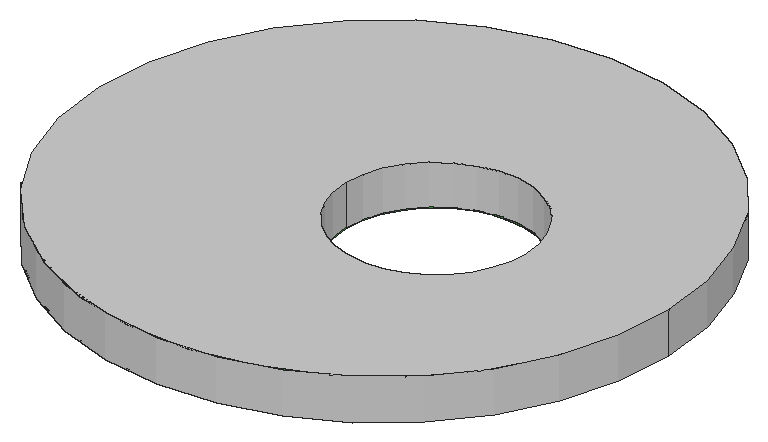
Revit family "Плита перекрытия", category Обобщенные модели, Revit 2015
Parameters (values of type "ПП-20.2 ФУТ "ПБК ЭКОВЭЛЛ" с анкерными листами V-Lock")
  Толщина футеровки = 4 mm
  Толщина покрытия = 160 mm
  Тип материалов покрытия = Полиэтилен низкого давления
  Тип бетона = БСТ B20 П1 F200 W4 ГОСТ 7473-2010
  Смещение отверстия = 200 mm
  Сайт изготовителя = "http://gisspb.ru/"
  Масса = 1380.00 kg
  Изготовитель = "ООО \"ГИС\""
  Документ регламентирующий производство = "ТУ 5855-001-23107031-2013"
  Диаметр отверстия = 700 mm
  Город и страна производства = "Санкт-Петербург, Российская Федерация"
  Внутрений диаметр по футеровке = Внешний диаметр - 2 * Толщина футеровки  # 2192 mm
  Внешний диаметр = 2200 mm
Types (3, lengths in mm): name | Толщина покрытия | Смещение отверстия | Масса | Внутрений диаметр по футеровке | Внешний диаметр
  ПП-20.2 ФУТ "ПБК ЭКОВЭЛЛ" с анкерными листами V-Lock | 160 | 200 | 1380.00 kg | 2192 | 2200
  ПП-15.2 ФУТ "ПБК ЭКОВЭЛЛ" с анкерными листами V-Lock | 160 | 400 | 690.00 kg | 1672 | 1680
  ПП-10.2 ФУТ "ПБК ЭКОВЭЛЛ" с анкерными листами V-Lock | 150 | 150 | 230.00 kg | 1152 | 1160
Reference planes
  plane 1 "По центру (Вперед/Назад)": y = 0
  plane 2: z = 0
  plane 3 "По центру (Влево/Вправо)": x = 0
  plane 4: x = -1100
  plane 5: x = 1100
  plane 6: y = 1100
  plane 7: y = -1100
  plane 8: z = 160
  plane 9: x = 200
  plane 10: z = 4
Forms (mm)
  Extrusion 1, solid, material "БСТ B20 П1 F200 W4 ГОСТ 7473-2010" <- "Тип бетона"
    sketch origin (0, 0, 0) x (1, 0, 0) y (0, 1, 0)
      loop
        circle (0, 0) r 1100
      loop
        circle (200, 0) r 350
    from 0 to 160 <- "Толщина покрытия"
  Extrusion 2, void
    sketch origin (0, 0, 0) x (1, 0, 0) y (0, 1, 0)
      loop
        circle (0, 0) r 1096
    from 0 to 4
  Extrusion 3, solid, material "Полиэтилен низкого давления" <- "Тип материалов покрытия"
    sketch origin (0, 0, 0) x (1, 0, 0) y (0, 1, 0)
      loop
        circle (0, 0) r 1096
      loop
        circle (200, 0) r 350
    from 0 to 4 <- "Толщина футеровки"
Cuts and joins
  Extrusion 2 cuts Extrusion 1
Dimensions and locks
  equal spacing: plane 4, plane 3 "По центру (Влево/Вправо)", plane 5
  equal spacing: plane 6, plane 1 "По центру (Вперед/Назад)", plane 7
  "Внешний диаметр": plane 6 to plane 7
  "Внешний диаметр": plane 4 to plane 5
  "Толщина покрытия": plane 8 to level
  equal spacing: Extrusion 1 sketch curve, plane 9, Extrusion 1 sketch curve
  "Смещение отверстия": plane 3 "По центру (Влево/Вправо)" to plane 9
  "Толщина футеровки": plane 2 to plane 10
  equal spacing: Extrusion 3 sketch curve, plane 9, Extrusion 3 sketch curve
  "Внешний диаметр": diameter of Extrusion 1 sketch curve
  "Диаметр отверстия": diameter of Extrusion 1 sketch curve
  "Внутрений диаметр по футеровке": diameter of Extrusion 2 sketch curve
  "Диаметр отверстия": diameter of Extrusion 3 sketch curve
  "Внутрений диаметр по футеровке": diameter of Extrusion 3 sketch curve
  aligned and locked: level to plane 2
  aligned and locked: Extrusion 2 to plane 10
Automatic sketch dimensions
  plane 1 "По центру (Вперед/Назад)" to Extrusion 1 sketch curve = 0 mm  (x2)
  Extrusion 1 sketch curve to plane 3 "По центру (Влево/Вправо)" = 0 mm
  plane 1 "По центру (Вперед/Назад)" to Extrusion 2 sketch curve = 0 mm
  Extrusion 2 sketch curve to plane 3 "По центру (Влево/Вправо)" = 0 mm
  plane 1 "По центру (Вперед/Назад)" to Extrusion 3 sketch curve = 0 mm  (x2)
  Extrusion 3 sketch curve to plane 3 "По центру (Влево/Вправо)" = 0 mm
